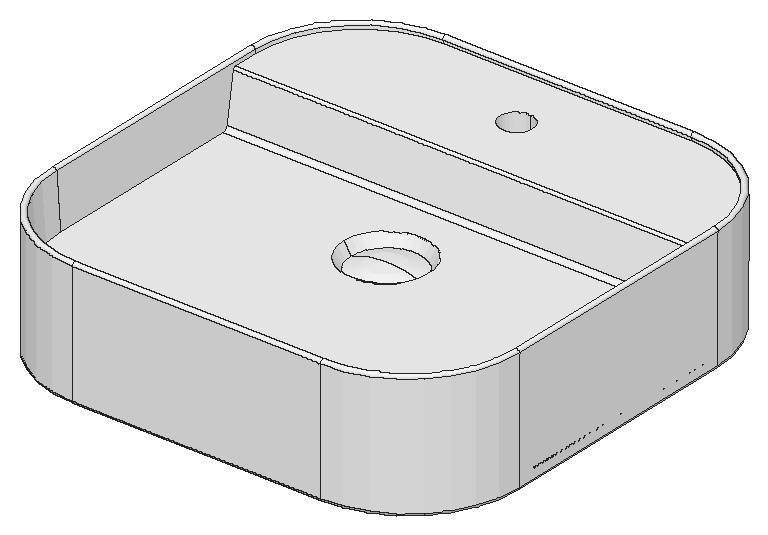
Revit family "Plum Fix_Sink_Argent_Grace 425 Square Counter Top Basin 1TH", category Plumbing Fixtures, Revit 2016
Family settings
  Part Type = Normal
  Round Connector Dimension = Use Diameter
  OmniClass Number = 23.45.05.14.14
  OmniClass Title = Sinks/Lavatories
  Work Plane-Based = No
  Always vertical = Yes
  Cut with Voids When Loaded = Yes
  Shared = No
  Room Calculation Point = No
Parameters (values of type "1 Tap Hole")
  Waste Connection = yes
  WFU = 0
  Vent Connection = no
  URL = "https://www.argentaust.com.au/"
  Type Comments = "1 Tap Hole"
  ModifiedIssue_ANZRS = 20190503
  Model = "NO28MUL01"
  Manufacturer_URL__Product Specific = "https://www.argentaust.com.au/argent-basins-counter-top-grace-425-square-counter-top-basin-with-tap-shelf?item=8555"
  Manufacturer_Spec Code = Model  # "NO28MUL01"
  Manufacturer_Overall Width = 425 mm  # constant formula
  Manufacturer_Overall Height = 115 mm  # constant formula
  Manufacturer_Overall Depth = 425 mm  # constant formula
  Manufacturer_Height From FFL [instance] = 900 mm
  Manufacturer = "Argent"  # constant formula
  Keynote = ""
  HWFU = 0
  HW Connection = no
  CreatedBy_ANZRS = "IGS BIM Solutions"  # constant formula
  CreatedByURL_ANZRS = "http://www.igsgroup.com.au"
  Description = "Grace Square Counter Top Basin with tap landing"
  Cost = 0
  CWFU = 0
  CW Connection = no
  Body Material = z_Argent_Ceramic White
  Assembly Code = ""
Reference planes
  plane 1 "Center (Front/Back)": y = -120
  plane 2 "Ref. Level": z = 0
  plane 3 "Front": y = -332.5
  plane 4 "Back": y = 92.5
  plane 5 "Center of Basin": x = -4.48
  plane 6 "Left": x = -216.98
  plane 7 "Right": x = 208.02
  plane 8 "Bottom": z = 900
  plane 9 "Top": z = 1015
  plane 10 "Mixer Offste": y = -32.5
  plane 11 "Mixer Centre": y = 30
  plane 12 "Pop-up Ref": z = 961.249
Forms (mm)
  Sweep 1, solid, material "z_Argent_Ceramic White" <- "Body Material"
    path origin (0, 0, 1015) x (0, -1, 0) y (1, 0, 0)
      loop
        arc (-92.5, -116.98) -> (-63.211, -187.691) -> (7.5, -216.98) r 100
        line (7.5, -216.98) -> (232.5, -216.98)
        arc (232.5, -216.98) -> (303.211, -187.691) -> (332.5, -116.98) r 100
        line (332.5, -116.98) -> (332.5, 108.02)
        arc (332.5, 108.02) -> (303.211, 178.731) -> (232.5, 208.02) r 100
        line (232.5, 208.02) -> (7.5, 208.02)
        arc (7.5, 208.02) -> (-63.211, 178.731) -> (-92.5, 108.02) r 100
        line (-92.5, 108.02) -> (-92.5, -116.98)
    profile origin (-4.48, 92.5, 1015) x (0, 1, 0) y (0, 0, 1)
      loop
        line (0, -111.905) -> (0, -2.585)
        arc (0, -2.585) -> (-2.403, -0.008) -> (-5.14, -2.225) r 2.583
        line (-5.14, -2.225) -> (-11.627, -94.985)
        arc (-11.627, -94.985) -> (-14.557, -97.809) -> (-18.357, -99.267) r 10.227
        line (-18.357, -99.267) -> (-18.357, -111.905)
        arc (-18.357, -111.905) -> (-14.483, -115) -> (-10.442, -112.126) r 4.118
        arc (-10.442, -112.126) -> (-9.179, -111.201) -> (-7.916, -112.126) r 1.324
        arc (-7.916, -112.126) -> (-3.875, -115) -> (0, -111.905) r 4.118
  Extrusion 2, solid, material "z_Argent_Ceramic White" <- "Body Material"
    sketch origin (0, 0, 1015) x (0, -1, 0) y (1, 0, 0)
      loop
        arc (-87.401, -116.98) -> (-59.605, -184.085) -> (7.5, -211.881) r 94.901
        line (7.5, -211.881) -> (232.5, -211.881)
        arc (232.5, -211.881) -> (299.605, -184.085) -> (327.401, -116.98) r 94.901
        line (327.401, -116.98) -> (327.401, 108.02)
        arc (327.401, 108.02) -> (299.605, 175.125) -> (232.5, 202.921) r 94.901
        line (232.5, 202.921) -> (7.5, 202.921)
        arc (7.5, 202.921) -> (-59.605, 175.125) -> (-87.401, 108.02) r 94.901
        line (-87.401, 108.02) -> (-87.401, -116.98)
    from -5 to -69.751
  Extrusion 3, void
    sketch origin (0, 0, 1015) x (0, -1, 0) y (1, 0, 0)
      loop
        line (49.397, -211.881) -> (232.5, -211.881)
        arc (232.5, -211.881) -> (299.605, -184.085) -> (327.401, -116.98) r 94.901
        line (327.401, -116.98) -> (327.401, 108.02)
        arc (327.401, 108.02) -> (299.605, 175.125) -> (232.5, 202.921) r 94.901
        line (232.5, 202.921) -> (49.397, 202.921) -> (49.397, -211.881)
    from -50 to 0
  Revolve 4, void
    sketch origin (-0.283, -117.52, 0) x (-1, 0, 0) y (0, 0, 1)
      loop
        line (4.48, 965) -> (4.48, 946.568) -> (32.034, 946.568) -> (42.676, 965) -> (4.48, 965)
      axis (4.48, 965) -> (4.48, 946.568)
    angle from 0 to 360
  Extrusion 5, void
    sketch origin (0, 0, 1015) x (0, -1, 0) y (1, 0, 0)
      loop
        circle (117.5, -4.48) r 31.75
      loop
        circle (-30, -4.48) r 15
    from 0 to -115
  Sweep 6, void
    path origin (-189.564, -1524, 900) x (-1, 0, 0) y (0, -1, 0)
      loop
        line (22.317, -1491.5) -> (-392.485, -1491.5)
    profile origin (-4.48, -32.5, 900) x (0, 1, 0) y (0, 0, 1)
      loop
        line (1.89, 110) -> (-120, 110) -> (-120, 65) -> (-15.894, 65)
        arc (-15.894, 65) -> (-12.851, 66.033) -> (-11.065, 68.706) r 5
        line (-11.065, 68.706) -> (-0.548, 107.954)
        arc (-0.548, 107.954) -> (0.348, 109.361) -> (1.89, 110) r 2.774
  Extrusion 7, void
    sketch origin (0, 0, 1015) x (0, -1, 0) y (1, 0, 0)
      loop
        circle (117.5, -4.48) r 31.75
      loop
        circle (-30, -4.48) r 15
    from -69.751 to -183.751
Cuts and joins
  Extrusion 3, Revolve 4, Extrusion 5, Sweep 6, Extrusion 7 cuts Extrusion 2
Lines and regions (mm)
  Masking region 1
    outline origin (0, 0, 1015) x (0, -1, 0) y (1, 0, 0)
      loop
        line (7.5, -216.98) -> (232.5, -216.98)
        arc (232.5, -216.98) -> (303.211, -187.691) -> (332.5, -116.98) r 100
        line (332.5, -116.98) -> (332.5, 108.02)
        arc (332.5, 108.02) -> (303.211, 178.731) -> (232.5, 208.02) r 100
        line (232.5, 208.02) -> (7.5, 208.02)
        arc (7.5, 208.02) -> (-63.211, 178.731) -> (-92.5, 108.02) r 100
        line (-92.5, 108.02) -> (-92.5, -116.98)
        arc (-92.5, -116.98) -> (-63.211, -187.691) -> (7.5, -216.98) r 100
  Masking region 2
    outline origin (0, -332.5, 0) x (-1, 0, 0) y (0, 0, 1)
      loop
        line (-208.02, 1013.227) -> (-208.02, 900) -> (216.98, 900) -> (216.98, 1013.227)
        arc (216.98, 1013.227) -> (216.277, 1014.297) -> (215.207, 1015) r 3.16
        line (215.207, 1015) -> (-206.247, 1015)
        arc (-206.247, 1015) -> (-207.317, 1014.297) -> (-208.02, 1013.227) r 3.16
  Masking region 3
    outline origin (-216.98, 107.935, 4000) x (0, 1, 0) y (0, 0, 1)
      loop
        line (-15.435, -3097.042) -> (-15.435, -2986.773)
        arc (-15.435, -2986.773) -> (-15.954, -2985.519) -> (-17.208, -2985) r 1.773
        line (-17.208, -2985) -> (-438.663, -2985)
        arc (-438.663, -2985) -> (-439.916, -2985.519) -> (-440.435, -2986.773) r 1.773
        line (-440.435, -2986.773) -> (-440.435, -3097.042)
        arc (-440.435, -3097.042) -> (-439.569, -3099.134) -> (-437.478, -3100) r 2.958
        line (-437.478, -3100) -> (-18.393, -3100)
        arc (-18.393, -3100) -> (-16.302, -3099.134) -> (-15.435, -3097.042) r 2.958
  symbolic lines, style "Sinks/Lavatories", detail levels fine
    curve 1: arc (-116.98, 80.873, 1015) -> (-179.469, 54.989, 1015) -> (-205.353, -7.5, 1015) r 88.373
    curve 2: line (-205.353, -7.5, 1015) -> (-205.353, -232.5, 1015)
    curve 3: line (108.02, 80.873, 1015) -> (-116.98, 80.873, 1015)
    curve 4: arc (196.393, -7.5, 1015) -> (170.509, 54.989, 1015) -> (108.02, 80.873, 1015) r 88.373
    curve 5: line (196.393, -232.5, 1015) -> (196.393, -7.5, 1015)
    curve 6: arc (108.02, -320.873, 1015) -> (170.509, -294.989, 1015) -> (196.393, -232.5, 1015) r 88.373
    curve 7: line (-116.98, -320.873, 1015) -> (108.02, -320.873, 1015)
    curve 8: arc (-205.353, -232.5, 1015) -> (-179.469, -294.989, 1015) -> (-116.98, -320.873, 1015) r 88.373
    curve 9: arc (-4.48, 45, 1015) -> (-19.48, 30, 1015) -> (-4.48, 15, 1015) r 15
    curve 10: arc (-4.48, 15, 1015) -> (10.52, 30, 1015) -> (-4.48, 45, 1015) r 15
    curve 13: line (-205.353, -32.5, 1015) -> (196.393, -32.5, 1015)
  symbolic lines, style "Sinks/Lavatories", detail levels medium+fine
    curve 11: arc (-4.48, -85.75, 1015) -> (-36.23, -117.5, 1015) -> (-4.48, -149.25, 1015) r 31.75
    curve 12: arc (-4.48, -149.25, 1015) -> (27.27, -117.5, 1015) -> (-4.48, -85.75, 1015) r 31.75
Text (mm)
  text "Disclaimer:\n\nDue to ongoing product development and manufacturing evolution, product details are subject to change without notice. Please refer to product technical data sheets on the manufacturer’s website for the most current product information. Please allow a +/- 5mm manufacturing tolerance for dimensions and set-outs shown in product literature." at (512.294, 48.986, 0), in view "Ref. Level_Instruction"
Dimensions and locks
  equal spacing: plane 3 "Front", plane 1 "Center (Front/Back)", plane 4 "Back"
  equal spacing: plane 6 "Left", plane 5 "Center of Basin", plane 7 "Right"
  "Manufacturer_Overall Depth": plane 3 "Front" to plane 4 "Back"
  "Manufacturer_Overall Width": plane 6 "Left" to plane 7 "Right"
  "Manufacturer_Overall Height": plane 9 "Top" to plane 8 "Bottom"
  plane 10 "Mixer Offste" to plane 4 "Back" = 125 mm
  "Manufacturer_Height From FFL": plane 8 "Bottom" to plane 2 "Ref. Level"
  plane 9 "Top" to plane 8 "Bottom" = 115 mm
  locked: plane 9 "Top" to plane 12 "Pop-up Ref" at 53.751
  aligned and locked: plane 4 "Back" to Sweep 1 sketch curve
  aligned and locked: curve 9 to cut or joined group of Extrusion 2, Extrusion 3, Revolve 4, Extrusion 5, Sweep 6, Extrusion 7
  aligned and locked: curve 10 to cut or joined group of Extrusion 2, Extrusion 3, Revolve 4, Extrusion 5, Sweep 6, Extrusion 7
  aligned and locked: curve 11 to cut or joined group of Extrusion 2, Extrusion 3, Revolve 4, Extrusion 5, Sweep 6, Extrusion 7
  aligned and locked: curve 12 to cut or joined group of Extrusion 2, Extrusion 3, Revolve 4, Extrusion 5, Sweep 6, Extrusion 7
  aligned and locked: plane 7 "Right" to Masking region 2 sketch curve
  aligned and locked: Masking region 2 sketch curve to plane 9 "Top"
  aligned and locked: Masking region 2 sketch curve to plane 6 "Left"
  aligned and locked: Masking region 2 sketch curve to plane 8 "Bottom"
  aligned and locked: Masking region 3 sketch curve to plane 4 "Back"
  aligned and locked: plane 9 "Top" to Masking region 3 sketch curve
  aligned and locked: Masking region 3 sketch curve to plane 3 "Front"
  aligned and locked: plane 8 "Bottom" to Masking region 3 sketch curve
  aligned and locked: plane 12 "Pop-up Ref" to nested 1
  aligned and locked: plane 10 "Mixer Offste" to Sweep 6 sketch curve
Automatic sketch dimensions
  plane 6 "Left" to Extrusion 3 sketch curve = 5.099 mm
  Extrusion 3 sketch curve to plane 3 "Front" = 100 mm  (x2)
  plane 7 "Right" to Extrusion 3 sketch curve = 5.099 mm
  Extrusion 3 sketch curve to plane 3 "Front" = 5.099 mm
  plane 5 "Center of Basin" to Revolve 4 sketch curve = 0.283 mm  (x2)
  Revolve 4 sketch curve to Revolve 4 sketch curve = 27.554 mm
  Revolve 4 sketch curve to Revolve 4 sketch curve = 10.642 mm
  Revolve 4 sketch curve to plane 8 "Bottom" = 46.568 mm
  Revolve 4 sketch curve to Revolve 4 sketch curve = 18.432 mm
  level to Revolve 4 sketch curve = 20.026 mm
  Revolve 4 sketch curve to plane 9 "Top" = 155.362 mm
  Extrusion 5 sketch curve to plane 5 "Center of Basin" = 0 mm  (x2)
  plane 11 "Mixer Centre" to Extrusion 5 sketch curve = 0 mm
  Extrusion 5 sketch curve to plane 1 "Center (Front/Back)" = 2.5 mm
  plane 7 "Right" to Masking region 2 sketch curve = 2.938 mm
  plane 6 "Left" to Masking region 2 sketch curve = 2.938 mm
  plane 6 "Left" to Masking region 2 sketch curve = 1.773 mm
  Masking region 2 sketch curve to plane 9 "Top" = 2.938 mm
  Masking region 2 sketch curve to Masking region 2 sketch curve = 1.773 mm
  Masking region 2 sketch curve to plane 9 "Top" = 1.773 mm
  Masking region 3 sketch curve to Masking region 3 sketch curve = 1.773 mm
  Masking region 3 sketch curve to plane 3 "Front" = 2.958 mm
  plane 4 "Back" to Masking region 3 sketch curve = 2.958 mm
  plane 4 "Back" to Masking region 3 sketch curve = 1.773 mm
  Sweep 1 sketch curve to plane 7 "Right" = 0 mm
  Sweep 1 sketch curve to plane 6 "Left" = 0 mm
  plane 3 "Front" to Sweep 1 sketch curve = 0 mm
  Sweep 1 sketch curve to plane 10 "Mixer Offste" = 25 mm  (x2)
  Sweep 1 sketch curve to Sweep 1 sketch curve = 100 mm  (x2)
  plane 4 "Back" to Extrusion 2 sketch curve = 5.099 mm
  Extrusion 2 sketch curve to plane 10 "Mixer Offste" = 25 mm  (x2)
  plane 6 "Left" to Extrusion 2 sketch curve = 5.099 mm
  Extrusion 2 sketch curve to plane 3 "Front" = 100 mm  (x2)
  plane 7 "Right" to Extrusion 2 sketch curve = 5.099 mm
  Extrusion 2 sketch curve to plane 3 "Front" = 5.099 mm
  curve 4 to plane 10 "Mixer Offste" = 25 mm
  curve 1 to plane 10 "Mixer Offste" = 25 mm
  plane 6 "Left" to curve 8 = 100 mm
  plane 7 "Right" to curve 6 = 100 mm
  plane 4 "Back" to curve 3 = 11.627 mm
  curve 7 to plane 3 "Front" = 11.627 mm
  Sweep 1 sketch curve to profile plane = 0 mm
  Sweep 1 sketch curve to Sweep 1 sketch curve = 2.583 mm
  profile plane to Sweep 1 sketch curve = 3.99 mm
  Sweep 1 sketch curve to Sweep 1 sketch curve = 5.189 mm  (x2)
  profile plane to Sweep 1 sketch curve = 11.627 mm
  Sweep 1 sketch curve to Sweep 1 sketch curve = 3.99 mm
  Sweep 1 sketch curve to Sweep 1 sketch curve = 8.421 mm
  Sweep 1 sketch curve to Sweep 1 sketch curve = 0.621 mm  (x2)
  Sweep 1 sketch curve to Sweep 1 sketch curve = 1.021 mm  (x2)
  Sweep 1 sketch curve to Sweep 1 sketch curve = 11.616 mm
  Sweep 1 sketch curve to Sweep 1 sketch curve = 4.283 mm
  Sweep 1 sketch curve to plane 9 "Top" = 2.225 mm
  Sweep 1 sketch curve to Sweep 1 sketch curve = 0 mm
  Sweep 1 sketch curve to Sweep 1 sketch curve = 86.956 mm
  Sweep 1 sketch curve to Sweep 1 sketch curve = 2.558 mm
  plane 10 "Mixer Offste" to Extrusion 3 sketch curve = 16.897 mm
  plane 6 "Left" to Sweep 6 sketch curve = 5.099 mm
  plane 7 "Right" to Sweep 6 sketch curve = 5.099 mm
  profile plane to Sweep 6 sketch curve = 120 mm
  profile plane to Sweep 6 sketch curve = 15.894 mm
  Sweep 6 sketch curve to Sweep 6 sketch curve = 4.83 mm
  Sweep 6 sketch curve to profile plane = 2.132 mm
  plane 8 "Bottom" to Sweep 6 sketch curve = 65 mm
  Sweep 6 sketch curve to Sweep 6 sketch curve = 3.706 mm
  Sweep 6 sketch curve to Sweep 6 sketch curve = 38.53 mm
  profile plane to Sweep 6 sketch curve = 0.548 mm
  Sweep 6 sketch curve to profile plane = 1.89 mm
  Sweep 6 sketch curve to Sweep 6 sketch curve = 0.718 mm
  plane 4 "Back" to Masking region 1 sketch curve = 0 mm
  Masking region 1 sketch curve to plane 6 "Left" = 0 mm
  Masking region 1 sketch curve to plane 7 "Right" = 0 mm
  plane 3 "Front" to Masking region 1 sketch curve = 0 mm
  Masking region 1 sketch curve to plane 10 "Mixer Offste" = 25 mm  (x2)
  Masking region 1 sketch curve to plane 3 "Front" = 100 mm  (x2)
  plane 10 "Mixer Offste" to curve 13 = 0 mm
  plane 6 "Left" to curve 13 = 11.627 mm
  plane 7 "Right" to curve 13 = 11.627 mm
  Extrusion 7 sketch curve to plane 5 "Center of Basin" = 0 mm  (x2)
  plane 11 "Mixer Centre" to Extrusion 7 sketch curve = 0 mm
  Extrusion 7 sketch curve to plane 1 "Center (Front/Back)" = 2.5 mm
  radius of Extrusion 5 sketch curve = 31.75 mm
  radius of Extrusion 5 sketch curve = 15 mm
  radius of Extrusion 7 sketch curve = 31.75 mm
  radius of Extrusion 7 sketch curve = 15 mm
Nested families
  nested 1: "z.PlumFix_Waste_32mm Pop-up" at (0, -178.25, 954.249), type "Chrome"
    with Manufacturer_Height From FFL 0 mm
Connectors
  piping at (-4.48, -117.5, 897.449), diameter 50
    settings: on nested 1, index 1, connector inside diameter 609.6 mm, connector length 0 mm, flow factor 0, pipe flow 0.000 L/s, pressure drop 0.0 Pa, fitting loss kfactor 0, connector angle 0.00°, fixture units 0, engagement length 0 mm, angle of deflection 0.00°, flow configuration 2, flow direction 2, fitting loss method 4, system type 16, joint type 0, gender type 0, connector reference index -1, connector utility 0, adjustable connector no, is connector primary yes, connector description "Waste Outlet"
Definition of nested family "z.PlumFix_Waste_32mm Pop-up"
  Parameters (values of type "Chrome")
    Waste Connection = yes
    WFU = 0
    Vent Connection = no
    URL = "https://www.argentaust.com.au/"
    Type Comments = ""
    ModifiedIssue_ANZRS = 20180826
    Model = ""
    Manufacturer_Overall Width = 63.5 mm  # constant formula
    Manufacturer_Overall Height = 130 mm  # constant formula
    Manufacturer_Overall Depth = 63.5 mm  # constant formula
    Manufacturer_Height From FFL [instance] = 0 mm
    Manufacturer = "Argent"  # constant formula
    Keynote = ""
    HWFU = 0
    HW Connection = no
    CreatedBy_ANZRS = "IGS BIM Solutions"  # constant formula
    CreatedByURL_ANZRS = "https://www.igsgroup.com.au"
    Description = ""
    Cost = 0
    CWFU = 0
    CW Connection = yes
    Body Material = none
    Assembly Code = ""
  Reference planes
    plane 1 "Center (Front/Back)": y = 60.75
    plane 2 "Ref. Level": z = 0
    plane 3 "Front": y = 29
    plane 4 "Back": y = 92.5
    plane 5 "Center (Left/Right)": x = -4.48
    plane 6 "Left": x = -36.23
    plane 7 "Right": x = 27.27
    plane 8 "Top Offset": z = 0
    plane 9 "Top": z = 7
    plane 10 "Bottom": z = -123
    plane 11: y = 60.75
  Forms (mm)
    Revolve 1, solid, material <- "Body Material"
      sketch origin (0, 60.75, 0) x (1, 0, 0) y (0, 0, 1)
        loop
          line (-4.48, -123) -> (-4.48, 7)
          arc (-4.48, 7) -> (-20.634, 5.492) -> (-36.23, 1.02) r 87.27
          line (-36.23, 1.02) -> (-36.23, 0) -> (-20.48, 0) -> (-20.48, -8) -> (-34.48, -8) -> (-34.48, -16) -> (-24.48, -16) -> (-24.48, -23) -> (-34.48, -23) -> (-34.48, -32) -> (-29.48, -32) -> (-29.48, -56.8) -> (-20.48, -56.8) -> (-20.48, -68.8) -> (-7.48, -68.8) -> (-7.48, -123) -> (-4.48, -123)
        axis (-4.48, -123) -> (-4.48, 7)
      angle from 0 to 360
  Lines and regions (mm)
    Masking region 1
      outline origin (0, 0, 7) x (0, -1, 0) y (1, 0, 0)
        loop
          circle (-60.75, -4.48) r 31.75
    Masking region 2
      outline origin (-4.48, 0, 0) x (0, 1, 0) y (0, 0, 1)
        loop
          line (85.75, -56.8) -> (85.75, -32) -> (90.75, -32) -> (90.75, -23) -> (80.75, -23) -> (80.75, -16) -> (90.75, -16) -> (90.75, -8) -> (76.75, -8) -> (76.75, 0) -> (92.5, 0) -> (92.5, 1.02)
          arc (92.5, 1.02) -> (60.75, 7) -> (29, 1.02) r 87.27
          line (29, 1.02) -> (29, 0) -> (44.75, 0) -> (44.75, -8) -> (30.75, -8) -> (30.75, -16) -> (40.75, -16) -> (40.75, -23) -> (30.75, -23) -> (30.75, -32) -> (35.75, -32) -> (35.75, -56.8) -> (44.75, -56.8) -> (44.75, -68.8) -> (57.75, -68.8) -> (57.75, -123) -> (63.75, -123) -> (63.75, -68.8) -> (76.75, -68.8) -> (76.75, -56.8) -> (85.75, -56.8)
    Masking region 3
      outline origin (0, 29, 0) x (-1, 0, 0) y (0, 0, 1)
        loop
          line (20.48, -56.8) -> (29.48, -56.8) -> (29.48, -32) -> (34.48, -32) -> (34.48, -23) -> (24.48, -23) -> (24.48, -16) -> (34.48, -16) -> (34.48, -8) -> (20.48, -8) -> (20.48, 0) -> (36.23, 0) -> (36.23, 1.02)
          arc (36.23, 1.02) -> (4.48, 7) -> (-27.27, 1.02) r 87.27
          line (-27.27, 1.02) -> (-27.27, 0) -> (-11.52, 0) -> (-11.52, -8) -> (-25.52, -8) -> (-25.52, -16) -> (-15.52, -16) -> (-15.52, -23) -> (-25.52, -23) -> (-25.52, -32) -> (-20.52, -32) -> (-20.52, -56.8) -> (-11.52, -56.8) -> (-11.52, -68.8) -> (1.48, -68.8) -> (1.48, -123) -> (7.48, -123) -> (7.48, -68.8) -> (20.48, -68.8) -> (20.48, -56.8)
    symbolic lines, detail levels medium+fine
      curve 1: line (-20.48, 29, -56.8) -> (11.52, 29, -56.8)
      curve 2: line (-29.48, 29, -32) -> (20.52, 29, -32)
      curve 3: line (-24.48, 29, -23) -> (15.52, 29, -23)
      curve 4: line (-24.48, 29, -16) -> (15.52, 29, -16)
      curve 5: line (-20.48, 29, -8) -> (11.52, 29, -8)
      curve 7: line (-7.48, 29, -68.8) -> (-1.48, 29, -68.8)
      curve 8: line (-36.23, 76.75, 0) -> (-36.23, 44.75, 0)
      curve 9: line (-36.23, 76.75, -8) -> (-36.23, 44.75, -8)
      curve 10: line (-36.23, 80.75, -16) -> (-36.23, 40.75, -16)
      curve 11: line (-36.23, 80.75, -23) -> (-36.23, 40.75, -23)
      curve 12: line (-36.23, 85.75, -32) -> (-36.23, 35.75, -32)
      curve 13: line (-36.23, 76.75, -56.8) -> (-36.23, 44.75, -56.8)
      curve 14: line (-36.23, 63.75, -68.8) -> (-36.23, 57.75, -68.8)
    symbolic lines, detail levels fine
      curve 6: line (-20.48, 29, 0) -> (11.52, 29, 0)
      curve 15: line (-36.23, 92.5, 1.02) -> (-36.23, 29, 1.02)
      curve 16: line (-36.23, 29, 1.02) -> (27.27, 29, 1.02)
  Text (mm)
    text "Disclaimer:\n\nDue to ongoing product development and manufacturing evolution, product details are subject to change without notice. Please refer to product technical data sheets on the manufacturer’s website for the most current product information. Please allow a +/- 5mm manufacturing tolerance for dimensions and set-outs shown in product literature." at (200.434, 226.107, 0), in view "Ref. Level_Instruction"
  Dimensions and locks
    equal spacing: plane 3 "Front", plane 1 "Center (Front/Back)", plane 4 "Back"
    equal spacing: plane 6 "Left", plane 5 "Center (Left/Right)", plane 7 "Right"
    "Manufacturer_Overall Depth": plane 3 "Front" to plane 4 "Back"
    "Manufacturer_Overall Width": plane 6 "Left" to plane 7 "Right"
    "Manufacturer_Height From FFL": plane 8 "Top Offset" to plane 2 "Ref. Level"
    locked: plane 9 "Top" to plane 8 "Top Offset" at 7
    "Manufacturer_Overall Height": plane 9 "Top" to plane 10 "Bottom"
    aligned and locked: plane 6 "Left" to Revolve 1 sketch curve
  Automatic sketch dimensions
    Masking region 1 sketch curve to Masking region 1 sketch curve = 0 mm  (x2)
    plane 1 "Center (Front/Back)" to Masking region 1 sketch curve = 0 mm
    Masking region 1 sketch curve to plane 6 "Left" = 0 mm
    Masking region 1 sketch curve to plane 5 "Center (Left/Right)" = 0 mm
    curve 16 to plane 7 "Right" = 0 mm
    curve 6 to plane 8 "Top Offset" = 0 mm
    curve 16 to plane 6 "Left" = 0 mm
    curve 6 to curve 5 = 0 mm  (x2)
    curve 7 to plane 5 "Center (Left/Right)" = 3 mm
    plane 5 "Center (Left/Right)" to curve 1 = 16 mm
    curve 5 to plane 6 "Left" = 15.75 mm
    curve 3 to plane 6 "Left" = 11.75 mm
    curve 2 to plane 6 "Left" = 6.75 mm
    plane 8 "Top Offset" to curve 5 = 8 mm
    curve 3 to curve 4 = 7 mm
    curve 1 to curve 2 = 24.8 mm
    curve 16 to plane 8 "Top Offset" = 1.02 mm
    curve 15 to plane 3 "Front" = 0 mm
    curve 8 to plane 8 "Top Offset" = 0 mm
    curve 15 to plane 4 "Back" = 0 mm
    plane 1 "Center (Front/Back)" to curve 14 = 3 mm
    curve 13 to plane 1 "Center (Front/Back)" = 16 mm
    plane 4 "Back" to curve 9 = 15.75 mm
    curve 8 to curve 9 = 0 mm  (x2)
    plane 4 "Back" to curve 11 = 11.75 mm
    plane 4 "Back" to curve 12 = 6.75 mm
    curve 9 to plane 8 "Top Offset" = 8 mm
    curve 11 to curve 10 = 7 mm
    curve 13 to curve 12 = 24.8 mm
    plane 8 "Top Offset" to curve 15 = 1.02 mm
    Revolve 1 sketch curve to level = 0 mm
    Revolve 1 sketch curve to plane 10 "Bottom" = 0 mm
    Revolve 1 sketch curve to plane 5 "Center (Left/Right)" = 0 mm  (x2)
    Revolve 1 sketch curve to plane 9 "Top" = 0 mm
    plane 6 "Left" to Revolve 1 sketch curve = 1.75 mm  (x2)
    plane 6 "Left" to Revolve 1 sketch curve = 6.75 mm
    Revolve 1 sketch curve to Revolve 1 sketch curve = 10 mm
    Revolve 1 sketch curve to Revolve 1 sketch curve = 9 mm  (x2)
    Revolve 1 sketch curve to Revolve 1 sketch curve = 4 mm
    Revolve 1 sketch curve to Revolve 1 sketch curve = 12 mm
    Revolve 1 sketch curve to Revolve 1 sketch curve = 24.8 mm
    Revolve 1 sketch curve to Revolve 1 sketch curve = 7 mm
    Revolve 1 sketch curve to level = 8 mm
    plane 9 "Top" to Revolve 1 sketch curve = 249.25 mm
    Revolve 1 sketch curve to Revolve 1 sketch curve = 180 mm
    Revolve 1 sketch curve to Revolve 1 sketch curve = 11.47 mm
    Revolve 1 sketch curve to Revolve 1 sketch curve = 3 mm
    Revolve 1 sketch curve to Revolve 1 sketch curve = 42.73 mm
    Masking region 3 sketch curve to level = 0 mm  (x2)
    plane 7 "Right" to Masking region 3 sketch curve = 0 mm
    Masking region 3 sketch curve to plane 10 "Bottom" = 0 mm
    Masking region 3 sketch curve to plane 5 "Center (Left/Right)" = 0 mm
    Masking region 3 sketch curve to plane 6 "Left" = 0 mm
    plane 7 "Right" to Masking region 3 sketch curve = 1.75 mm  (x2)
    Masking region 3 sketch curve to Masking region 3 sketch curve = 5 mm
    Masking region 3 sketch curve to Masking region 3 sketch curve = 10 mm
    Masking region 3 sketch curve to Masking region 3 sketch curve = 4 mm  (x2)
    Masking region 3 sketch curve to Masking region 3 sketch curve = 9 mm  (x3)
    plane 5 "Center (Left/Right)" to Masking region 3 sketch curve = 3 mm
    Masking region 3 sketch curve to plane 5 "Center (Left/Right)" = 3 mm
    Masking region 3 sketch curve to Masking region 3 sketch curve = 15.75 mm
    plane 6 "Left" to Masking region 3 sketch curve = 15.75 mm
    plane 6 "Left" to Masking region 3 sketch curve = 6.75 mm
    plane 6 "Left" to Masking region 3 sketch curve = 1.75 mm  (x2)
    plane 10 "Bottom" to Masking region 3 sketch curve = 42.73 mm
    Masking region 3 sketch curve to Masking region 3 sketch curve = 11.47 mm
    Masking region 3 sketch curve to Masking region 3 sketch curve = 0 mm
    Masking region 3 sketch curve to Masking region 3 sketch curve = 12 mm  (x2)
    Masking region 3 sketch curve to Masking region 3 sketch curve = 24.8 mm  (x2)
    Masking region 3 sketch curve to Masking region 3 sketch curve = 7 mm  (x2)
    Masking region 3 sketch curve to level = 8 mm  (x2)
    Masking region 3 sketch curve to Masking region 3 sketch curve = 1.02 mm
    curve 4 to curve 3 = 0 mm  (x2)
    curve 4 to curve 5 = 4 mm
    Masking region 2 sketch curve to level = 0 mm  (x2)
    Masking region 2 sketch curve to plane 3 "Front" = 0 mm
    Masking region 2 sketch curve to plane 10 "Bottom" = 0 mm
    Masking region 2 sketch curve to plane 1 "Center (Front/Back)" = 0 mm
    Masking region 2 sketch curve to plane 4 "Back" = 0 mm
    Masking region 2 sketch curve to plane 3 "Front" = 1.75 mm  (x2)
    Masking region 2 sketch curve to Masking region 2 sketch curve = 5 mm
    Masking region 2 sketch curve to Masking region 2 sketch curve = 10 mm
    Masking region 2 sketch curve to Masking region 2 sketch curve = 4 mm  (x2)
    Masking region 2 sketch curve to Masking region 2 sketch curve = 9 mm  (x3)
    plane 1 "Center (Front/Back)" to Masking region 2 sketch curve = 3 mm
    Masking region 2 sketch curve to plane 1 "Center (Front/Back)" = 3 mm
    plane 4 "Back" to Masking region 2 sketch curve = 15.75 mm  (x2)
    plane 4 "Back" to Masking region 2 sketch curve = 6.75 mm
    plane 4 "Back" to Masking region 2 sketch curve = 1.75 mm  (x2)
    plane 10 "Bottom" to Masking region 2 sketch curve = 42.73 mm
    Masking region 2 sketch curve to Masking region 2 sketch curve = 11.47 mm
    Masking region 2 sketch curve to Masking region 2 sketch curve = 0 mm
    Masking region 2 sketch curve to Masking region 2 sketch curve = 12 mm  (x2)
    Masking region 2 sketch curve to Masking region 2 sketch curve = 24.8 mm  (x2)
    Masking region 2 sketch curve to Masking region 2 sketch curve = 7 mm  (x2)
    Masking region 2 sketch curve to level = 8 mm  (x2)
    Masking region 2 sketch curve to Masking region 2 sketch curve = 1.02 mm
    curve 14 to plane 1 "Center (Front/Back)" = 3 mm
    curve 10 to curve 11 = 0 mm  (x2)
    curve 10 to curve 9 = 4 mm
    curve 13 to plane 3 "Front" = 15.75 mm
    curve 14 to curve 13 = 12 mm
    curve 10 to curve 9 = 8 mm
    curve 12 to plane 3 "Front" = 6.75 mm
    curve 12 to curve 11 = 5 mm
    curve 12 to curve 11 = 9 mm
    curve 4 to plane 7 "Right" = 11.75 mm
    curve 2 to curve 3 = 9 mm
    curve 2 to plane 7 "Right" = 6.75 mm
    curve 1 to plane 7 "Right" = 15.75 mm
    curve 7 to curve 1 = 12 mm
    plane 5 "Center (Left/Right)" to curve 7 = 3 mm
    curve 4 to curve 5 = 8 mm
